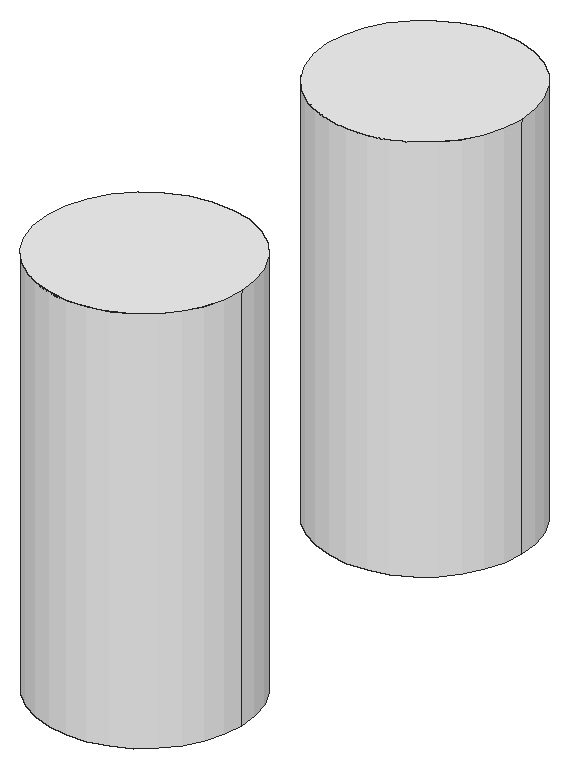
Revit family "44380200", category Plumbing Fixtures, Revit 2020 (continued)
Definition of nested family "44380200_p"
  Lines and regions (mm)
    symbolic lines, detail levels fine
      curve 400: arc (14.882, -127.163, 0) -> (12.855, -131.666, 0) -> (9.011, -134.766, 0) r 10.622
      curve 411: line (-12.31, -100.299, 0) -> (-12.31, -73.098, 0)
      curve 412: line (-11.71, -72.498, 0) -> (0, -72.498, 0)
      curve 413: arc (-11.71, -72.498, 0) -> (-12.134, -72.674, 0) -> (-12.31, -73.098, 0) r 0.6
      curve 414: arc (-10.285, -102.799, 0) -> (-11.74, -101.907, 0) -> (-12.31, -100.299, 0) r 2.556
      curve 415: arc (-9.011, -103.011, 0) -> (-9.651, -102.919, 0) -> (-10.285, -102.799, 0) r 14.368
      curve 416: arc (-9.011, -89.609, 0) -> (0, -80.598, 0) -> (9.011, -89.609, 0) r 9.011
      curve 417: line (-5.967, -64.467, 0) -> (-5.967, -48.623, 0)
      curve 418: line (-5.967, -40, 0) -> (0, -40, 0)
      curve 420: arc (-19.256, -110.606, 0) -> (-14.109, -111.327, 0) -> (-9.011, -112.335, 0) r 92.494
      curve 421: line (-9.011, -166.496, 0) -> (-9.011, -89.609, 0)
      curve 433: line (5.967, -40, 0) -> (0, -40, 0)
      curve 435: line (5.967, -64.467, 0) -> (5.967, -48.623, 0)
      curve 437: line (12.31, -100.299, 0) -> (12.31, -73.098, 0)
      curve 438: line (11.71, -72.498, 0) -> (0, -72.498, 0)
      curve 439: arc (11.71, -72.498, 0) -> (12.134, -72.674, 0) -> (12.31, -73.098, 0) r 0.6
      curve 440: arc (10.285, -102.799, 0) -> (11.74, -101.907, 0) -> (12.31, -100.299, 0) r 2.556
      curve 441: arc (9.011, -103.011, 0) -> (9.651, -102.919, 0) -> (10.285, -102.799, 0) r 14.368
      curve 449: line (16.514, -144.948, 0) -> (15.014, -144.948, 0)
      curve 450: line (16.514, -144.198, 0) -> (15.014, -144.198, 0)
      curve 452: line (9.011, -159.766, 0) -> (9.011, -89.609, 0)
      curve 453: line (-12.255, -4.993, 0) -> (12.255, -4.993, 0)
      curve 454: line (-3.969, -72.498, 0) -> (-3.969, -64.467, 0)
      curve 455: line (-3.969, -64.467, 0) -> (-5.967, -64.467, 0)
      curve 456: line (3.969, -64.467, 0) -> (5.967, -64.467, 0)
      curve 457: line (3.969, -72.498, 0) -> (3.969, -64.467, 0)
      curve 458: line (-3.969, -64.467, 0) -> (3.969, -64.467, 0)
      curve 460: line (0, -145.293, 717.388) -> (0, -137.412, 695.734)
      curve 461: line (0, -51.957, 16.716) -> (0, -73.039, 16.716)
      curve 462: line (0, -78.957, 16.716) -> (0, -100.039, 16.716)
      curve 463: line (0, -98.992, 55.25) -> (0, -79.781, 55.25)
      curve 472: line (0, -115.459, 476.5) -> (0, -130.489, 476.5)
      curve 483: line (-39.838, 0, 476.5) -> (-24.762, 0, 476.5)
  Dimensions and locks
    aligned and locked: level to plane 2
